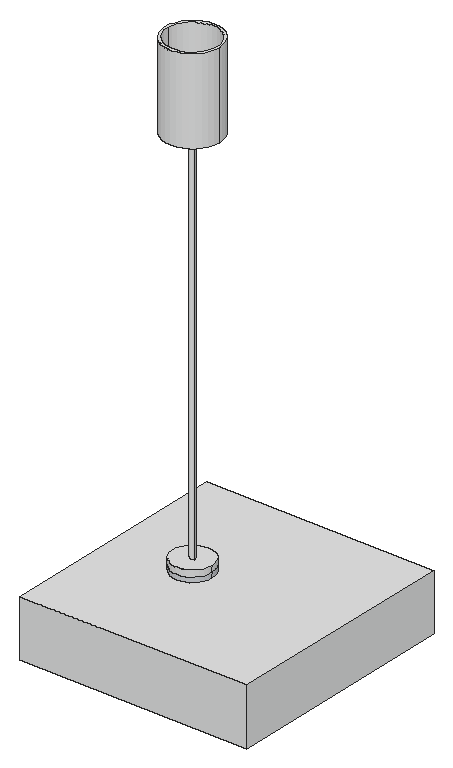
Revit family "Lighting-Surface-Amerlux-Rook-250-Mini-FrameMount-Direct-Indirect", category Lighting Fixtures, host Face, Revit 2020
Family settings
  Host = Face
  Round Connector Dimension = Use Diameter
  Part Type = Normal
  Cut with Voids When Loaded = No
  Light Source = Yes
  Shared = No
  Room Calculation Point = No
Parameters (values of type "RK250MRDI-NC")
  Wattage = 9.2903 W
  built-in parameter 1150110 = 1 (stored number, unit not read)
  Voltage = 0 V
  URL = "http://www.amerlux.com/"
  built-in parameter 1114217 = 1 (stored number, unit not read)
  Tilt Angle = -90.00°
  built-in parameter 1150109 = 1 (stored number, unit not read)
  built-in parameter 1150134 = 3
  Suspension Length [instance] = 2' - 0"
  built-in parameter 1150113 = 1 (stored number, unit not read)
  Power Factor = 1
  Photometric Web File = "Load File"
  Number of Poles = 1
  built-in parameter 1150142 = (empty or 0)
  Model = "Rook 250 Mini"
  Manufacturer = "Amerlux"
  built-in parameter 1150105 = 109.82 (stored number, unit not read)
  Lumens = 1380 lm
  built-in parameter 1150115 = 1 (stored number, unit not read)
  built-in parameter 1150137 = (empty or 0)
  built-in parameter 1150139 = (empty or 0)
  built-in parameter 1150112 = 1 (stored number, unit not read)
  built-in parameter 1150114 = 1 (stored number, unit not read)
  built-in parameter 1150132 = (empty or 0)
  built-in parameter 1150102 = (empty or 0)
  built-in parameter 1150107 = 3200 (stored number, unit not read)
  built-in parameter 1150138 = (empty or 0)
  built-in parameter 1150106 = 1.0982 (stored number, unit not read)
  Height = 0' - 4 5/16"
  Fixture Finish = Aluminum Finish
  Emit from Circle Diameter = 0' - 2 1/2"
  Emit Shape Visible in Rendering = no
  built-in parameter 1150104 = 13.8 (stored number, unit not read)
  Dimming Lamp Color Temperature Shift = <None>
  Description = "Pendant"
  Default Elevation = 4' - 0"
  Color Filter = 16777215
  built-in parameter 1114218 = 1 (stored number, unit not read)
  built-in parameter 1150133 = 10 (stored number, unit not read)
  Apparent Load = 0 VA
Reference planes (in)
  plane 1 "Center (Front/Back)": y = 0
  plane 2: z = 0
  plane 3 "Center (Left/Right)": x = 0
  plane 4: z = 0
  plane 5: z = 24
  plane 6: z = -3.125
  plane 7: z = -0.25
Forms (in)
  Extrusion 1, solid, material "Aluminum Finish"
    sketch origin (0, 0, 0) x (1, 0, 0) y (0, 1, 0)
      loop
        circle (0, 0) r 1.375
    from 19.6875 to 24
  Extrusion 2, solid, material "Aluminum Finish"
    sketch origin (0, 0, 0) x (1, 0, 0) y (0, 1, 0)
      loop
        circle (0, 0) r 0.12492
    from 0 to 19.6875
  Extrusion 3, solid, material "Aluminum Finish"
    sketch origin (0, 0, 0) x (1, 0, 0) y (0, 1, 0)
      loop
        circle (0, 0) r 1
    from 0 to 0.31343
  Extrusion 4, void
    sketch origin (0, 0, 0) x (1, 0, 0) y (0, 1, 0)
      loop
        circle (0, 0) r 1.25
    from 22.12399 to 24
  Extrusion 5, solid, material "Aluminum Finish"
    sketch origin (0, 0, 0) x (1, 0, 0) y (0, 1, 0)
      loop
        line (-4, 5.9375) -> (-4, -5.9375) -> (7.5, -5.9375) -> (7.5, 5.9375) -> (-4, 5.9375)
    from -3.125 to -0.25
  Extrusion 6, solid
    sketch origin (0, 0, 0) x (1, 0, 0) y (0, 1, 0)
      loop
        circle (0, 0) r 1
    from -0.25 to 0
Cuts and joins
  Extrusion 4 cuts Extrusion 2
  Extrusion 4 cuts Extrusion 3
  Extrusion 4 cuts Extrusion 1
Dimensions and locks (in)
  plane 4 to host face = 0' - 0"
  "Height": Extrusion 1 to Extrusion 1
  "Suspension Length": plane 5 to host face
  locked: Extrusion 4 to Extrusion 1 at 1.87601
  locked: Extrusion 5 sketch curve to plane 3 "Center (Left/Right)" at 4
  locked: plane 3 "Center (Left/Right)" to Extrusion 5 sketch curve at 7.5
  locked: Extrusion 5 sketch curve to Extrusion 5 sketch curve at 11.875
  locked: host face to plane 6 at 3.125
  diameter of Extrusion 1 sketch curve = 0' - 2 3/4"
  aligned and locked: plane 2 to host face
  aligned and locked: level to host face
  aligned and locked: plane 3 "Center (Left/Right)" to imposter light
  aligned and locked: imposter light to plane 1 "Center (Front/Back)"
  aligned and locked: plane 5 to Extrusion 1
  aligned and locked: plane 5 to imposter light
  aligned and locked: Extrusion 2 to Extrusion 1
  aligned and locked: Extrusion 2 to level
  aligned and locked: imposter light to Extrusion 4
  aligned and locked: Extrusion 5 to plane 6
  aligned and locked: Extrusion 6 to plane 7
  aligned and locked: level to Extrusion 6
  aligned and locked: Extrusion 5 to Extrusion 6
Automatic sketch dimensions
  host sketch curve to host sketch curve = 8' - 0"  (x2)
  plane 1 "Center (Front/Back)" to Extrusion 1 sketch curve = 0' - 0"
  Extrusion 1 sketch curve to plane 3 "Center (Left/Right)" = 0' - 0"
  plane 1 "Center (Front/Back)" to Extrusion 2 sketch curve = 0' - 0"
  Extrusion 2 sketch curve to plane 3 "Center (Left/Right)" = 0' - 0"
  plane 1 "Center (Front/Back)" to Extrusion 3 sketch curve = 0' - 0"
  Extrusion 3 sketch curve to plane 3 "Center (Left/Right)" = 0' - 0"
  plane 1 "Center (Front/Back)" to Extrusion 4 sketch curve = 0' - 0"
  Extrusion 4 sketch curve to plane 3 "Center (Left/Right)" = 0' - 0"
  Extrusion 5 sketch curve to plane 1 "Center (Front/Back)" = 0' - 5 15/16"
  plane 1 "Center (Front/Back)" to Extrusion 6 sketch curve = 0' - 0"
  Extrusion 6 sketch curve to plane 3 "Center (Left/Right)" = 0' - 0"
  radius of Extrusion 2 sketch curve = 0' - 0.12492"
  radius of Extrusion 3 sketch curve = 0' - 1"
  radius of Extrusion 4 sketch curve = 0' - 1 1/4"
  radius of Extrusion 6 sketch curve = 0' - 1"
Connectors (in)
  electrical at (0, 0, 0), driven by "Number of Poles", driven by "Voltage", driven by "Apparent Load", driven by "Power Factor"
    settings: on cut or joined group of Extrusion 3, Extrusion 4, index 1, voltage 0 V, apparent load 0 VA, apparent load phase1 0 VA, apparent load phase2 0 VA, apparent load phase3 0 VA, power factor 1, load classification "Other", number of poles 1, system type 31, power factor state 1, is connector primary yes, connector utility no, sub classification motor no, connector description ""
